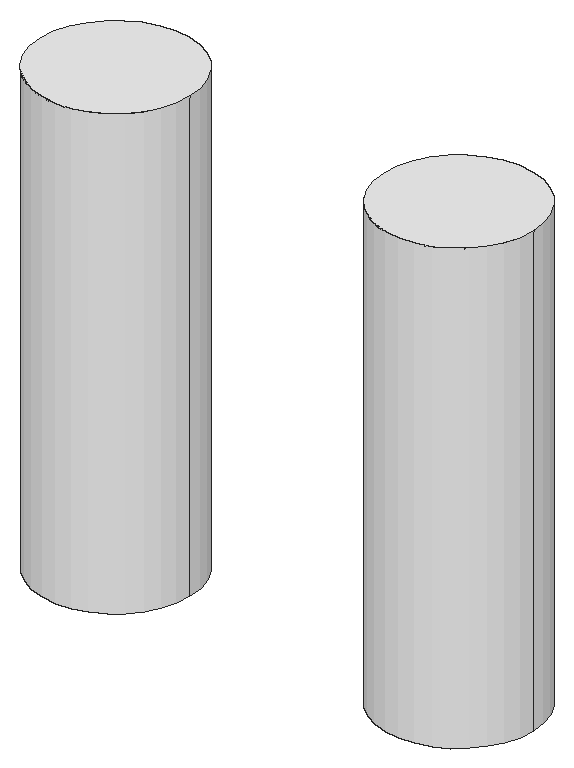
Revit family "93002219(2023)", category Plumbing Fixtures, Revit 2020
Family settings
  Round Connector Dimension = Use Diameter
  Part Type = Normal
  OmniClass Number = 23.45.55.00
  OmniClass Title = Sanitary Faucets, Wastes
  Work Plane-Based = No
  Always vertical = Yes
  Cut with Voids When Loaded = No
  Shared = No
  Room Calculation Point = No
Parameters (values of type "93002219 HANSAELECTRA")
  Working Pressure = "100 - 1000 kPa"
  WarrantyStartDate [instance] = "n/a"
  WarrantyGuarantorParts = "n/a"
  WarrantyGuarantorLabor = "n/a"
  WarrantyDurationUnit = "Year"
  WarrantyDurationParts = "n/a"
  WarrantyDurationLabor = "n/a"
  WarrantyDescription = "http://warranty.hansa.com"
  Warranty Information URL = "http://warranty.hansa.com"
  VersionDate = "20/02/2024"
  Version = "1"
  ValvePattern = "n/a"
  ValveOperation = "n/a"
  ValveMechanism = "n/a"
  Uniclass2015Reference = "Pr_40_20_87_96"
  Uniclass2015Description = "Washbasin manual water supply sets"
  Uniclass2 = "Pr_40_30_96_96"
  URL WEEE = "http://static.hansa.com/WEEE/93002219"
  URL REACH = "http://static.hansa.com/doc/reach"
  URL Materials Declaration = "http://www.hansa.com/fileadmin/resources/188809_93002219_materialsdeclaration.pdf"
  URL Environmental Product Declaration EPD = "http://www.hansa.com/fileadmin/resources/189536_Oras Group EPD_Touchless composite washbasin faucet.pdf"
  URL EcoLabel Declaration = "http://static.hansa.com/doc/EcoLabel"
  URL EU Packaging Declaration = "http://static.hansa.com/doc/packaging"
  URL Declaration of SCIP = "http://static.hansa.com/doc/SCIP"
  URL Declaration of Conformity = "http://static.hansa.com/DoC/93002219"
  URL Declaration of Asbestos = "http://static.hansa.com/doc/asbestos"
  URL Declaration Of Performance (DOP) = "http://static.hansa.com/doc/DoP"
  URL = ""
  UNSPSC Class Number = "30181700 Faucets or taps"
  Type Comments = ""
  TestPressure = "n/a"
  Temperature Adjustments = "Adjustable hot water stop (included, retrofittable)"
  Technical DataSheet URL = "http://www.hansa.com/datasheet/93002219/en"
  TagNumber [instance] = "n/a"
  SustainabilityPerformance = "n/a"
  Surface treatment = "Chrome"
  Spout Type = "Fixed spout"
  Spout Projection = "118 mm"
  Size = "70x165x190 mm"
  Short Marketing = "Electra 93 series is giving you a whole new modern design with its rounded square body and spout giving you new fresh and updated design.\nThe tall design compliments the new trends of modern bathroom of more square design and shallow sinks, where the extra height gives you more comfortable usage.\n\nKey Features\nAerator with Tilt function +/- 10° for more flexible installation\nNewest Sensor technology for better detection and operation comfort\nBluetooth technology for easy adjustment to personalize settings \nBattery in side body and power cable option"
  Shape = "Sculptured"
  SerialNumber [instance] = "n/a"
  Sales Package dimensions (LxWxH) = "568 x 182 x 78"
  Revision = "n/a"
  ReplacementCost = "n/a"
  Protection Class = "IP 55"
  ProductInformation = "n/a"
  Product URL = "http://static.hansa.com/93002219"
  Product Image URL = "http://static.hansa.com/image/93002219"
  Product Family = "null Touchless;Battery-operated;External transformer;Bluetooth®;Lead free"
  Product Code = "93002219"
  OperatingMechanismMaterial = "n/a"
  Operating Voltage = 9 V
  Operating Distance = "20-130 mm (110/130/160 mm)"
  NominalWidth = 67.722 mm
  NominalHeight = 190 mm
  NominalDepth = 163.081 mm
  Noise Class = "I (ISO 3822) "
  Name_en = "93002219 HANSAELECTRA"
  Name = "93002219 HANSAELECTRA"
  NBSReference = "45-35-70/371"
  NBSDescription = "Water supply fittings for wash basins and troughs"
  Mounting Holes = "1 hole"
  ModelReference = "93002219"
  ModelNumber = "n/a"
  Model = "93002219 HANSAELECTRA"
  Mobile Product Information URL = "http://mpi.hansa.com/93002219"
  Mechanical Parts = "Mixing valve for manual temperature control;Non-return valve(s);Litter filter(s)"
  Max. Hot Water Supply = 70 °C
  Max Flow Period = "2 min (1 - 1800 s)"
  Material = "Composite"
  Market = "International;Germany;Austria;Switzerland;Belgium;Netherlands;Italy"
  ManufacturerURL = "http://www.hansa.com"
  ManufacturerName = "HANSA"
  Manufacturer = "HANSA"
  Long Marketing = "Bluetooth Touchless faucet with tilt aerator. +/- 10° adjustment option.\nEasy grip temperature lever for good grip and easy adjustment. \nSMART intelligent bluetooth sensor with 3 optical lenses for improved performance supported by app connection for personalized and easy adjustment of sensor settings.\nMetal free waterways due to high pressure composite construction and easy installation due to fast and easy 3S installation system."
  Lever Handle = "Temperature control handle"
  Keynote = ""
  Interactive AR View URL = "https://static.hansa.com/AR/93002219"
  InstallationDate [instance] = "n/a"
  Installation and Maintenance Guide URL = "http://static.hansa.com/manual/93002219"
  Installation Type = "Deck mounted"
  InletConnectionSize = 10 mm
  IfcExportType = "FAUCET"  # constant formula
  IfcExportAs = "IfcValveType"  # constant formula
  Group = "Sales item"
  Grade = "n/a"
  FlowCoefficient = 0
  Finish = "Polished"
  Features = "Washbasin faucet"
  FaucetMainMaterial = Brass
  FDV Document URL = "http://www.hansa.com/datasheet/93002219/en/fdv"
  ExpectedLife = "n/a"
  Electronic Parts = ";Light indicated function(s);Low battery indicator"
  Electrical Connection = "9 V"
  ETIM Class Number = "EC010340 Electronic tap"
  EN Standard = "EN 15091,\nETSI EN 301 489-1 V1.9.2 , \nETSI EN 300 328 v2.2.2 , \nEN 61000-6-1:2007 , \nEN 61000-6-3:2007+A1:2011+AC:2012 , \nEN 60335-1:2012+A11+A13+A1+A14+A2+A15:2021, Part 19.11.4"
  EMC Directive = "Radio Equipment Directive 2014/53/EU , \nLow Voltage Directive 2014/35/EU , \nEMC Directive 2014/30/EU , \nRoHS Directive 2011/65/EU"
  EAN Number = "4057304019494"
  DurationUnit = "Year"
  Dimension Drawing URL = "http://static.hansa.com/dimdrw/93002219"
  Description = ""
  DefaultElevation [instance] = 900 mm
  Default Elevation = 0 mm
  Constituents = "n/a"
  Connection Size = "G3/8"
  Connection = "Flexible inlet pipes"
  Color = "Chrome"
  CodePerformance = "n/a"
  CloseOffRating = 0
  Catalog Drawing URL = "http://static.hansa.com/catdrw/93002219"
  CO2 Emissions (D) = -0.66
  CO2 Emissions (C4) = 0.83
  CO2 Emissions (C3) = 0
  CO2 Emissions (C2) = 0.01
  CO2 Emissions (A4) = 0.14
  CO2 Emissions (A1-A3) = 3.48
  Brand = "HANSA"
  BodyMaterial = "Brass"
  Bluetooth = "5.x (D060576)"
  Battery = "AA 1.5 V Lithium x 2"
  Barcode [instance] = "n/a"
  Backflow Prevention EN1717 = "EB"
  BIMObjectName = "93002219(2023)"
  Automatic Flush Period = "30 s (1-1800 s)"
  Automatic Flush Frequency = "off (off/1-120 h)"
  Author = "BIMStone"
  AssetType = "Fixed"
  AssetIdentifier [instance] = "n/a"
  Afterflow Period = "3 s (1-20 s)"
  Aerator = "PCA® - constant flow rate regardless of pressure variations;Adjustable flow angle"
  Advanced Features = "3S-installation system for safe and simple mounting;Software settings adjustable via App"
  AccessibilityPerformance = "n/a"
  3D View = "https://static.hansa.com/AR/93002219"
  2D/3D/BIM Files URL = "http://static.hansa.com/bim/93002219"
Reference planes
  plane 1 "Center (Front/Back)": y = 0
  plane 2: z = 0
  plane 3 "Center (Left/Right)": x = 0
  plane 4: x = -27.304
  plane 5: z = 900
  plane 6: z = 870
  plane 7: y = -163.081
  plane 8: x = 27.304
  plane 9: z = 1090
  plane 10: x = 40.417
Forms (mm)
  Extrusion 1, solid, material "Brass" <- "FaucetMainMaterial"
    sketch origin (0, -2.393, 0) x (1, 0, 0) y (0, 1, 0)
      loop
        circle (-11.5, -22.5) r 5
      loop
        circle (11.5, -22.5) r 5
    from 870 to 900
Dimensions and locks
  "DefaultElevation": plane 5 to level
  locked: plane 5 to plane 6 at 30
  "NominalDepth": plane 7 to plane 1 "Center (Front/Back)"
  equal spacing: plane 4, plane 3 "Center (Left/Right)", plane 8
  "NominalHeight": plane 9 to plane 5
  locked: plane 8 to plane 10 at 13.113
  "NominalWidth": plane 4 to plane 10
  "InletConnectionSize": diameter of Extrusion 1 sketch curve  (x2)
  aligned and locked: level to plane 2
  aligned and locked: plane 5 to Extrusion 1
  aligned and locked: Extrusion 1 to plane 6
  aligned and locked: plane 1 "Center (Front/Back)" to nested 2
  aligned and locked: plane 3 "Center (Left/Right)" to nested 2
  aligned and locked: plane 3 "Center (Left/Right)" to nested 1
  aligned and locked: plane 1 "Center (Front/Back)" to nested 1
  aligned and locked: plane 5 to nested 2
Automatic sketch dimensions
  Extrusion 1 sketch curve to plane 3 "Center (Left/Right)" = 11.5 mm
  plane 3 "Center (Left/Right)" to Extrusion 1 sketch curve = 11.5 mm
  plane 1 "Center (Front/Back)" to Extrusion 1 sketch curve = 24.893 mm
  Extrusion 1 sketch curve to Extrusion 1 sketch curve = 0 mm
Nested families
  nested 1: "Symbol" at (0, 0, 0), type "Symbol", detail levels coarse
  nested 2: "93002219(2023)_Body" at (0, 0, 900), Material <- "FaucetMainMaterial", type "93002219(2023)_Body"
    with Material Brass
Connectors
  piping at (-11.5, -24.893, 870), diameter 10, driven by "InletConnectionSize"
    settings: on Extrusion 1, index 1, connector inside diameter 609.6 mm, connector length 0 mm, flow factor 0, pipe flow 0.2 L/s, pressure drop 0.0 Pa, fitting loss kfactor 0, connector angle 0.00°, fixture units 0, engagement length 0 mm, angle of deflection 0.00°, flow configuration 1, flow direction 1, fitting loss method 0, system type 19, joint type 0, gender type 0, connector reference index -1, connector utility 0, adjustable connector no, is connector primary yes, connector description ""
  piping at (11.5, -24.893, 870), diameter 10, driven by "InletConnectionSize"
    settings: on Extrusion 1, index 2, connector inside diameter 609.6 mm, connector length 0 mm, flow factor 0, pipe flow 0.2 L/s, pressure drop 0.0 Pa, fitting loss kfactor 0, connector angle 0.00°, fixture units 0, engagement length 0 mm, angle of deflection 0.00°, flow configuration 1, flow direction 1, fitting loss method 0, system type 20, joint type 0, gender type 0, connector reference index -1, connector utility 0, adjustable connector no, is connector primary no, connector description ""
Definition of nested family "Symbol"
  Reference planes
    plane 1: y = 0
    plane 2: x = 0
  Lines and regions (mm)
    detail lines
      curve 1: line (0, 0, 0) -> (0, -1.8, 0)
      curve 2: line (-0.4, -1.1, 0) -> (0.4, -1.1, 0)
      curve 3: line (-0.4, -1.4, 0) -> (0.4, -1.4, 0)
      curve 4: line (0.863, 0, 0) -> (-0.863, 0, 0)
      curve 5: circle (-1.163, 0, 0) r 0.3 normal (0, 0, -1)
      curve 6: circle (1.163, 0, 0) r 0.3 normal (0, 0, 1)
